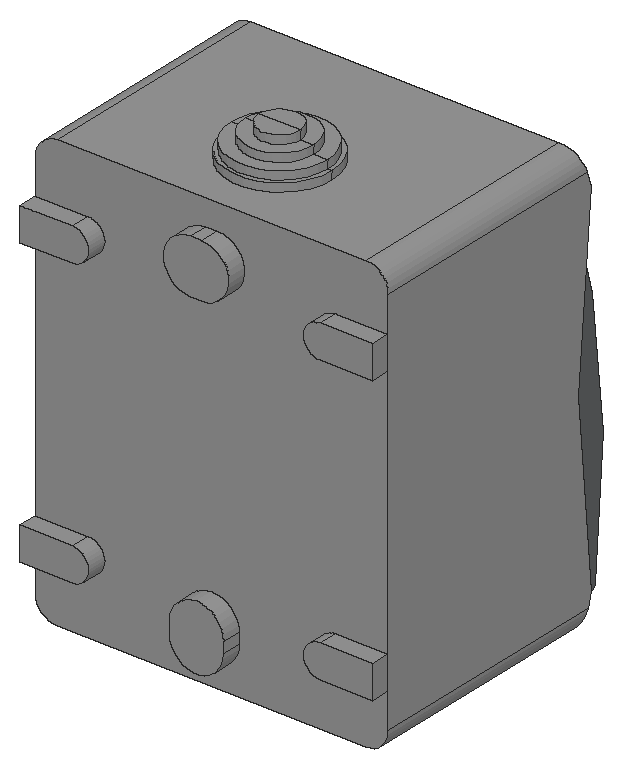
Revit family "IEK_Выключатель_ОУ_10А_2кл_IP54_FORS", category Выключатели, Revit 2019
Family settings
  Сохранять ориентацию аннотаций = Да
  Размер круглого соединителя = Использовать диаметр
  Тип детали = Переключатель
  На основе рабочей плоскости = Нет
  Всегда вертикально = Да
  При загрузке вырезать с полостями = Нет
  Общий = Нет
  Точка расчета площади = Нет
Parameters (values of type "ВС20-2-0-ФСр_2кл_Серый")
  Ширина = 65 mm  # constant formula
  Тип монтажа = "Поверхность монтажа (открытая установка)"  # constant formula
  Степень защиты = "IP54"  # constant formula
  Описание = "Электроустановочные изделия серии FORS подходят для эксплуатации в различных сферах, включая промышленные объекты, склады и производственные помещения. Благодаря степени защиты IP54 они стабильно работают в условиях повышенной влажности и запыленности. В комплекте есть подробная инструкция и необходимые аксессуары для быстрого монтажа. Электроустановочные изделия FORS — выбор профессионалов!"
  Материал крышки = RAL 9004
  Изготовитель = "IEK"  # constant formula
  Диаметр_Короб [instance] = 16 mm
  Глубина = 55 mm  # constant formula
  Высота = 92 mm  # constant formula
  ΔХ [instance] = 2000 mm
  ΔY [instance] = 2000 mm
  URL = "https://www.iek.ru/"
  ADSK_Ток [instance] = 10 A  # constant formula
  ADSK_Примечание = ""
  ADSK_Полная мощность [instance] = ADSK_Номинальная мощность / ADSK_Коэффициент мощности  # 2200 VA
  ADSK_Позиция [instance] = ""
  ADSK_Номинальная мощность [instance] = ADSK_Ток * ADSK_Напряжение * sqrt(ADSK_Количество фаз числовое) * ADSK_Коэффициент мощности  # 2200 W
  ADSK_Напряжение = 220 V
  ADSK_Наименование краткое = "ВС20-2-0-ФСр"
  ADSK_Наименование = "Выключатель 2-клавишный для открытой установки 10А IP54 ВС20-2-0-ФСр серый IEK"
  ADSK_Материал обозначение = ""
  ADSK_Материал наименование = "Пластик"  # constant formula
  ADSK_Материал = Окраска - RAL 7035
  ADSK_Масса = 0.125
  ADSK_Марка = "FORS"  # constant formula
  ADSK_Коэффициент мощности [instance] = 1  # constant formula
  ADSK_Количество фаз числовое = 1
  ADSK_Количество фаз = 1
  ADSK_Код изделия = "EVS20-K03-10-54-DC"
  ADSK_Классификация нагрузок [instance] = Прочее
  ADSK_Завод-изготовитель = Изготовитель  # "IEK"
  ADSK_Единица измерения = "шт."  # constant formula
  ADSK_Группирование = "Электроустановочные изделия низковольтные"  # constant formula
  ADSK_Версия семейства = "01.10.25"  # constant formula
  ADSK_Версия Revit = "v2019"  # constant formula
  ADSK_URL страницы изделия = "https://qr.iek.group/EVS20-K03-10-54-DC"
Types (3, lengths in mm): name | Материал крышки | ADSK_Наименование краткое | ADSK_Наименование | ADSK_Материал | ADSK_Код изделия | ADSK_URL страницы изделия
  (no name) | RAL 9004 | "ВС20-2-0-ФСр" | "Выключатель 2-клавишный для открытой установки 10А IP54 ВС20-2-0-ФСр серый IEK" | Окраска - RAL 7035 | "EVS20-K03-10-54-DC" | "https://qr.iek.group/EVS20-K03-10-54-DC"
  ВС20-2-0-ФСр_2кл_Серый | RAL 9004 | "ВС20-2-0-ФСр" | "Выключатель 2-клавишный для открытой установки 10А IP54 ВС20-2-0-ФСр серый IEK" | Окраска - RAL 7035 | "EVS20-K03-10-54-DC" | "https://qr.iek.group/EVS20-K03-10-54-DC"
  ВС20-2-0-ФБ_2кл_Белый | Окраска - Белый | "ВС20-2-0-ФБ" | "Выключатель 2-клавишный для открытой установки 10А IP54 ВС20-2-0-ФБ белый IEK" | Окраска - Белый | "EVS20-K01-10-54-DC" | "https://qr.iek.group/EVS20-K01-10-54-DC"
Reference planes
  plane 1 "По центру (Вперед/Назад)": y = 0
  plane 2: z = 0
  plane 3 "По центру (Влево/Вправо)": x = 0
  plane 4 "Высота ножек": z = 280
  plane 5 "Высота": z = 2081.496
  plane 6: x = -2000
  plane 7: y = 2000
Forms (mm)
  Extrusion 1, solid, detail levels coarse
    sketch origin (5.5, 24, 0) x (1, 0, 0) y (0, 1, 0)
      loop
        line (-38, -24) -> (27, -24) -> (27, 31) -> (-38, 31) -> (-38, -24)
    from 0 to 92
  Extrusion 2, solid, detail levels medium
    sketch origin (-5.5, 24, 0) x (1, 0, 0) y (0, 1, 0)
      loop
        line (-27, 31) -> (-27, -24) -> (38, -24) -> (38, 31) -> (-27, 31)
    from 0 to 92
  Extrusion 3, solid, material "Окраска - RAL 7035" <- "ADSK_Материал", detail levels fine
    sketch origin (0, 0, 45.5) x (1, 0, 0) y (0, 0, -1)
      loop
        line (-32, 35.5) -> (-32, -35.45)
        arc (-32, -35.45) -> (-30.814, -38.314) -> (-27.95, -39.5) r 4.05
        line (-27.95, -39.5) -> (28, -39.5)
        arc (28, -39.5) -> (30.828, -38.328) -> (32, -35.5) r 4
        line (32, -35.5) -> (32, 35.5)
        arc (32, 35.5) -> (30.828, 38.328) -> (28, 39.5) r 4
        line (28, 39.5) -> (-28, 39.5)
        arc (-28, 39.5) -> (-30.828, 38.328) -> (-32, 35.5) r 4
    from 3.5 to 50.392
  Extrusion 4, void
    sketch origin (0, 0, 32.4) x (1, 0, 0) y (0, 0, -1)
      loop
        line (-30.2, 22.4) -> (-30.2, -48.6)
        arc (-30.2, -48.6) -> (-29.556, -50.156) -> (-28, -50.8) r 2.2
        line (-28, -50.8) -> (28, -50.8)
        arc (28, -50.8) -> (29.556, -50.156) -> (30.2, -48.6) r 2.2
        line (30.2, -48.6) -> (30.2, 22.4)
        arc (30.2, 22.4) -> (29.556, 23.956) -> (28, 24.6) r 2.2
        line (28, 24.6) -> (-28, 24.6)
        arc (-28, 24.6) -> (-29.556, 23.956) -> (-30.2, 22.4) r 2.2
    from 39.3 to 50.392
  Extrusion 5, solid, material "Окраска - RAL 7035" <- "ADSK_Материал", detail levels fine
    sketch origin (0, 0, 45.5) x (1, 0, 0) y (0, 0, -1)
      loop
        line (-32, 23) -> (-22.5, 23)
        arc (-22.5, 23) -> (-19.5, 26) -> (-22.5, 29) r 3
        line (-22.5, 29) -> (-32, 29) -> (-32, 23)
      loop
        line (32, 23) -> (32, 29) -> (22.5, 29)
        arc (22.5, 29) -> (19.5, 26) -> (22.5, 23) r 3
        line (22.5, 23) -> (32, 23)
      loop
        line (-32, -23) -> (-32, -29) -> (-22.5, -29)
        arc (-22.5, -29) -> (-19.5, -26) -> (-22.5, -23) r 3
        line (-22.5, -23) -> (-32, -23)
      loop
        line (32, -23) -> (22.5, -23)
        arc (22.5, -23) -> (19.5, -26) -> (22.5, -29) r 3
        line (22.5, -29) -> (32, -29) -> (32, -23)
      loop
        arc (1, -34.9) -> (5.9, -30) -> (1, -25.1) r 4.9
        line (1, -25.1) -> (-1, -25.1)
        arc (-1, -25.1) -> (-5.9, -30) -> (-1, -34.9) r 4.9
        line (-1, -34.9) -> (1, -34.9)
      loop
        line (-4.9, 31) -> (-4.9, 29)
        arc (-4.9, 29) -> (0, 24.1) -> (4.9, 29) r 4.9
        line (4.9, 29) -> (4.9, 31)
        arc (4.9, 31) -> (0, 35.9) -> (-4.9, 31) r 4.9
    from 0 to 3.5
  Revolve 6, solid, material "Окраска - RAL 7035" <- "ADSK_Материал", detail levels fine
    sketch origin (0, 18.905, 4617.5) x (-1, 0, 0) y (0, 0, 1)
      loop
        line (0, -4526.5) -> (0, -4532.5) -> (9.541, -4532.5) -> (9.541, -4531) -> (8.75, -4531) -> (8.75, -4529.5) -> (6.25, -4529.5) -> (6.25, -4528) -> (3.75, -4528) -> (3.75, -4526.5) -> (0, -4526.5)
      loop
        line (0, -4617.5) -> (3.75, -4617.5) -> (3.75, -4616) -> (6.25, -4616) -> (6.25, -4614.5) -> (8.75, -4614.5) -> (8.75, -4613) -> (9.541, -4613) -> (9.541, -4611.5) -> (0, -4611.5) -> (0, -4617.5)
      axis (0, -4617.5) -> (0, -4526.5)
    angle from 0 to 360
  Extrusion 7, void
    sketch origin (0, 0, 45.5) x (0, 0, -1) y (0, 1, 0)
      loop
        line (39.5, 47.287) -> (39.5, 51.998) -> (-39.5, 51.998) -> (-39.5, 47.287) -> (-33.021, 49.493)
        arc (-33.021, 49.493) -> (0.067, 46.452) -> (33.15, 49.537) r 180.205
        arc (33.15, 49.537) -> (36.341, 48.456) -> (39.5, 47.287) r 121.61
    from -32 to 32
  Extrusion 8, solid, material "RAL 9004" <- "Материал крышки", detail levels fine
    sketch origin (0, 0, -54.575) x (0, 0, -1) y (0, 1, 0)
      loop
        line (-136.6, 39.3) -> (-63.59, 39.3) -> (-63.59, 46.629) -> (-64.398, 53.299)
        arc (-64.398, 53.299) -> (-64.651, 53.912) -> (-65.264, 54.166) r 0.867
        arc (-65.264, 54.166) -> (-101.053, 55.2) -> (-135.915, 47.044) r 138.769
        arc (-135.915, 47.044) -> (-136.396, 46.68) -> (-136.6, 46.112) r 1.059
        line (-136.6, 46.112) -> (-136.6, 39.3)
    from -29 to -0.5
  Extrusion 9, solid, material "RAL 9004" <- "Материал крышки", detail levels fine
    sketch origin (0, 0, -54.575) x (0, 0, -1) y (0, -1, 0)
      loop
        line (-136.6, -39.3) -> (-136.6, -46.112)
        arc (-136.6, -46.112) -> (-136.396, -46.68) -> (-135.915, -47.044) r 1.059
        arc (-135.915, -47.044) -> (-101.053, -55.2) -> (-65.264, -54.166) r 138.769
        arc (-65.264, -54.166) -> (-64.651, -53.912) -> (-64.398, -53.299) r 0.867
        line (-64.398, -53.299) -> (-63.59, -46.629) -> (-63.59, -39.3) -> (-136.6, -39.3)
    from -29 to -0.5
Cuts and joins
  Extrusion 4, Extrusion 7 cuts Extrusion 3
Lines and regions (mm)
  reference lines
    curve 1: line (0, 44.647, 0) -> (0, -55.353, 0)
    curve 2: line (-23.829, 0, 0) -> (76.171, 0, 0)
Dimensions and locks
  locked: plane 4 "Высота ножек" to plane 2 at 280
  plane 5 "Высота" to plane 4 "Высота ножек" = 1801.496 mm
  "ΔХ": plane 6 to curve 1
  "ΔY": plane 7 to curve 2
  aligned and locked: level to plane 2
  aligned and locked: curve 2 to nested 1
  aligned and locked: nested 1 to curve 1
Automatic sketch dimensions
  Extrusion 1 sketch curve to plane 1 "По центру (Вперед/Назад)" = 55 mm
  Extrusion 1 sketch curve to plane 3 "По центру (Влево/Вправо)" = 32.5 mm
  plane 3 "По центру (Влево/Вправо)" to Extrusion 1 sketch curve = 32.5 mm
  plane 1 "По центру (Вперед/Назад)" to Extrusion 1 sketch curve = 0 mm
  Extrusion 2 sketch curve to plane 3 "По центру (Влево/Вправо)" = 32.5 mm
  plane 3 "По центру (Влево/Вправо)" to Extrusion 2 sketch curve = 32.5 mm
  plane 1 "По центру (Вперед/Назад)" to Extrusion 2 sketch curve = 0 mm
  Extrusion 2 sketch curve to plane 1 "По центру (Вперед/Назад)" = 55 mm
  level to Extrusion 3 sketch curve = 10 mm  (x2)
  Extrusion 3 sketch curve to plane 3 "По центру (Влево/Вправо)" = 32 mm
  Extrusion 3 sketch curve to Extrusion 3 sketch curve = 4 mm
  Extrusion 3 sketch curve to Extrusion 3 sketch curve = 4.05 mm
  plane 3 "По центру (Влево/Вправо)" to Extrusion 3 sketch curve = 28 mm  (x2)
  Extrusion 3 sketch curve to Extrusion 3 sketch curve = 70.95 mm
  level to Extrusion 4 sketch curve = 10 mm  (x2)
  Extrusion 4 sketch curve to plane 3 "По центру (Влево/Вправо)" = 30.2 mm
  Extrusion 4 sketch curve to Extrusion 4 sketch curve = 2.2 mm  (x2)
  plane 3 "По центру (Влево/Вправо)" to Extrusion 4 sketch curve = 28 mm  (x2)
  Extrusion 4 sketch curve to Extrusion 4 sketch curve = 71 mm
  Extrusion 5 sketch curve to plane 3 "По центру (Влево/Вправо)" = 0 mm
  Extrusion 5 sketch curve to plane 3 "По центру (Влево/Вправо)" = 1 mm
  Extrusion 5 sketch curve to plane 3 "По центру (Влево/Вправо)" = 4.9 mm
  Extrusion 5 sketch curve to Extrusion 5 sketch curve = 21.5 mm  (x2)
  Extrusion 5 sketch curve to Extrusion 5 sketch curve = 17.6 mm  (x2)
  Extrusion 5 sketch curve to Extrusion 5 sketch curve = 9.5 mm  (x4)
  plane 3 "По центру (Влево/Вправо)" to Extrusion 5 sketch curve = 1 mm
  level to Extrusion 5 sketch curve = 80.4 mm
  Extrusion 5 sketch curve to Extrusion 5 sketch curve = 4.9 mm
  Extrusion 5 sketch curve to Extrusion 5 sketch curve = 1 mm  (x2)
  Extrusion 5 sketch curve to Extrusion 5 sketch curve = 3 mm  (x4)
  level to Extrusion 5 sketch curve = 22.5 mm  (x2)
  level to Extrusion 5 sketch curve = 16.5 mm
  Extrusion 5 sketch curve to Extrusion 5 sketch curve = 2 mm
  Revolve 6 sketch curve to plane 3 "По центру (Влево/Вправо)" = 0 mm  (x3)
  Revolve 6 sketch curve to level = 0 mm
  Revolve 6 sketch curve to plane 3 "По центру (Влево/Вправо)" = 3.75 mm  (x2)
  level to Revolve 6 sketch curve = 1.5 mm
  Revolve 6 sketch curve to Revolve 6 sketch curve = 2.5 mm  (x4)
  Revolve 6 sketch curve to Revolve 6 sketch curve = 0.791 mm  (x2)
  Revolve 6 sketch curve to Revolve 6 sketch curve = 1.5 mm  (x6)
  Revolve 6 sketch curve to Revolve 6 sketch curve = 4.5 mm
  Revolve 6 sketch curve to Revolve 6 sketch curve = 79 mm
  Revolve 6 sketch curve to level = 1478.5 mm
  Revolve 6 sketch curve to plane 5 "Высота" = 511.996 mm
  level to Extrusion 7 sketch curve = 85 mm
  Extrusion 7 sketch curve to Extrusion 7 sketch curve = 6.479 mm
  level to Extrusion 7 sketch curve = 49.778 mm
  level to Extrusion 7 sketch curve = 45.554 mm
  level to Extrusion 7 sketch curve = 6 mm
  plane 1 "По центру (Вперед/Назад)" to Extrusion 7 sketch curve = 66.17 mm
  Extrusion 7 sketch curve to plane 1 "По центру (Вперед/Назад)" = 47.287 mm  (x2)
  Extrusion 7 sketch curve to Extrusion 7 sketch curve = 2.206 mm
  Extrusion 7 sketch curve to Extrusion 7 sketch curve = 4.711 mm
  Extrusion 7 sketch curve to Extrusion 7 sketch curve = 174.659 mm
  level to Extrusion 8 sketch curve = 82.025 mm
  Extrusion 8 sketch curve to Extrusion 8 sketch curve = 1.058 mm
  level to Extrusion 8 sketch curve = 32.559 mm
  level to Extrusion 8 sketch curve = 10.689 mm
  Extrusion 8 sketch curve to Extrusion 8 sketch curve = 0.867 mm
  Extrusion 8 sketch curve to Extrusion 8 sketch curve = 0.808 mm
  plane 1 "По центру (Вперед/Назад)" to Extrusion 8 sketch curve = 82.869 mm
  Extrusion 8 sketch curve to plane 1 "По центру (Вперед/Назад)" = 39.3 mm
  Extrusion 8 sketch curve to Extrusion 8 sketch curve = 6.752 mm
  Extrusion 8 sketch curve to Extrusion 8 sketch curve = 0.061 mm
  Extrusion 8 sketch curve to Extrusion 8 sketch curve = 7.329 mm
  Extrusion 8 sketch curve to Extrusion 8 sketch curve = 6.67 mm
  level to Extrusion 9 sketch curve = 82.025 mm
  Extrusion 9 sketch curve to Extrusion 9 sketch curve = 1.058 mm
  level to Extrusion 9 sketch curve = 32.559 mm
  level to Extrusion 9 sketch curve = 10.689 mm
  Extrusion 9 sketch curve to Extrusion 9 sketch curve = 0.867 mm
  Extrusion 9 sketch curve to Extrusion 9 sketch curve = 0.808 mm
  Extrusion 9 sketch curve to plane 1 "По центру (Вперед/Назад)" = 53.299 mm
  Extrusion 9 sketch curve to Extrusion 9 sketch curve = 6.67 mm
  Extrusion 9 sketch curve to plane 1 "По центру (Вперед/Назад)" = 46.112 mm
  Extrusion 9 sketch curve to Extrusion 9 sketch curve = 0.061 mm
  Extrusion 9 sketch curve to Extrusion 9 sketch curve = 7.329 mm
  plane 1 "По центру (Вперед/Назад)" to Extrusion 9 sketch curve = 82.869 mm
  curve 2 to plane 3 "По центру (Влево/Вправо)" = 23.829 mm
  plane 3 "По центру (Влево/Вправо)" to curve 2 = 76.171 mm
  plane 1 "По центру (Вперед/Назад)" to curve 1 = 55.353 mm
  curve 1 to plane 1 "По центру (Вперед/Назад)" = 44.647 mm
Nested families
  nested 1: "УГО Выключателя" at (0, 0, 0), type "2K-O", detail levels coarse+medium
    with IP44 yes
Connectors
  electrical at (0, 0, 46), driven by "ADSK_Количество фаз", driven by "ADSK_Классификация нагрузок", driven by "ADSK_Напряжение", driven by "ADSK_Полная мощность", driven by "ADSK_Коэффициент мощности"
    settings: on Extrusion 1, index 1, voltage 220 V, apparent load 0 VA, apparent load phase1 2200 VA, apparent load phase2 0 VA, apparent load phase3 0 VA, power factor 1, load classification "Прочее", number of poles 1, system type 30, power factor state 1, is connector primary yes, connector utility no, sub classification motor no, connector description "Электр. соед. выключ."
  cabletrayconduit at (0, 18.905, 91), diameter 16, driven by "Диаметр_Короб"
    settings: on Revolve 6, index 2, connector width 300 mm, connector height 300 mm, connector angle 0.00°, system type 32, placement type 0, profile type 0, connector reference index 3, is primary connector yes, connector utility param no, connector description ""
  cabletrayconduit at (0, 18.905, 0), diameter 16, driven by "Диаметр_Короб"
    settings: on Revolve 6, index 3, connector width 300 mm, connector height 300 mm, connector angle 0.00°, system type 32, placement type 0, profile type 0, connector reference index 2, is primary connector no, connector utility param no, connector description ""
Definition of nested family "УГО Выключателя"
  Parameters (values of type "3K-O")
    IP44 [instance] = no
    3K-C = no
    2K-C = no
    1K-C = no
    3K-O = yes
    2K-O = no
    1K-O = no
  Types (6, lengths in mm): name | 3K-C | 2K-C | 1K-C | 3K-O | 2K-O | 1K-O
    2K-O | no | no | no | no | yes | no
    3K-O | no | no | no | yes | no | no
    2K-C | no | yes | no | no | no | no
    1K-O | no | no | no | no | no | yes
    1K-C | no | no | yes | no | no | no
    3K-C | yes | no | no | no | no | no
  Reference planes
    plane 1: y = 0
    plane 2: x = 0
  Lines and regions (mm)
    Filled region 1, type "Цветовая область 1", visible <- "IP44", not visible
      outline origin (0, 0, 0) x (1, 0, 0) y (0, 1, 0)
        loop
          circle (0, 2.214) r 0.994
    Filled region 2, type "Цветовая область 1", visible <- "IP44", not visible
      outline origin (-1.562, 0, 0) x (1, 0, 0) y (0, 1, 0)
        loop
          circle (11.009, 9.276) r 0.994
    Filled region 3, type "Цветовая область 1", visible <- "IP44", not visible
      outline origin (-1.562, 0, 0) x (1, 0, 0) y (0, 1, 0)
        loop
          circle (23.521, 9.279) r 0.994
    Filled region 4, type "Цветовая область 1", visible <- "IP44", not visible
      outline origin (0, 0, 0) x (1, 0, 0) y (0, 1, 0)
        loop
          circle (28.604, 9.279) r 0.994
    Filled region 5, type "Цветовая область 1", visible <- "IP44", not visible
      outline origin (0, 0, 0) x (1, 0, 0) y (0, 1, 0)
        loop
          circle (32.789, 9.279) r 0.994
    Filled region 6, type "Цветовая область 1", visible <- "IP44"
      outline origin (0, 0, 0) x (1, 0, 0) y (0, 1, 0)
        loop
          circle (0.006, 0.994) r 0.994
    Filled region 7, type "Цветовая область 1", visible <- "IP44"
      outline origin (0, 0, 0) x (1, 0, 0) y (0, 1, 0)
        loop
          circle (0.006, 0.994) r 0.994
    Filled region 8, type "Цветовая область 1", visible <- "IP44"
      outline origin (-1.562, 0, 0) x (1, 0, 0) y (0, 1, 0)
        loop
          circle (1.569, 0.994) r 0.994
    Filled region 9, type "Цветовая область 1", visible <- "IP44"
      outline origin (0, 0, 0) x (1, 0, 0) y (0, 1, 0)
        loop
          circle (0.006, 0.994) r 0.994
    Filled region 10, type "Цветовая область 1", visible <- "IP44", not visible
      outline origin (0, 0, 0) x (1, 0, 0) y (0, 1, 0)
        loop
          circle (15.057, 15.33) r 0.994
    Filled region 11, type "Цветовая область 1", visible <- "IP44"
      outline origin (-1.562, 0, 0) x (1, 0, 0) y (0, 1, 0)
        loop
          circle (1.569, 0.994) r 0.994
    Filled region 12, type "Цветовая область 1", visible <- "IP44"
      outline origin (0, 0, 0) x (1, 0, 0) y (0, 1, 0)
        loop
          circle (0.006, 0.994) r 0.994
    detail lines, visible <- "3K-O", not visible
      curve 1: line (0.86, 2.711, 0) -> (3.031, 3.964, 0)
      curve 2: line (0.639, 2.975, 0) -> (2.25, 4.895, 0)
      curve 3: line (0.323, 3.154, 0) -> (1.139, 5.524, 0)
      curve 4: circle (0, 2.214, 0) r 0.994 normal (0, 0, 1)
      curve 5: line (3.031, 3.964, 0) -> (3.431, 3.272, 0)
      curve 6: line (2.25, 4.895, 0) -> (2.863, 4.381, 0)
      curve 7: line (1.139, 5.524, 0) -> (1.896, 5.263, 0)
    detail lines, visible <- "2K-O", not visible
      curve 8: line (10.196, 9.928, 0) -> (12.088, 11.572, 0)
      curve 9: line (9.928, 10.145, 0) -> (11.143, 12.337, 0)
      curve 10: circle (9.446, 9.276, 0) r 0.994 normal (0, 0, 1)
      curve 11: line (12.088, 11.572, 0) -> (12.613, 10.968, 0)
      curve 12: line (11.143, 12.337, 0) -> (11.843, 11.949, 0)
    detail lines, visible <- "1K-O", not visible
      curve 13: line (15.627, 16.144, 0) -> (17.201, 18.393, 0)
      curve 14: circle (15.057, 15.33, 0) r 0.994 normal (0, 0, 1)
      curve 15: line (17.201, 18.393, 0) -> (17.857, 17.934, 0)
    detail lines, visible <- "3K-C", not visible
      curve 16: line (22.819, 9.775, 0) -> (24.99, 11.029, 0)
      curve 17: line (22.597, 10.04, 0) -> (24.208, 11.96, 0)
      curve 18: line (22.282, 10.218, 0) -> (23.098, 12.588, 0)
      curve 19: circle (21.958, 9.279, 0) r 0.994 normal (0, 0, 1)
      curve 20: line (24.765, 11.418, 0) -> (25.215, 10.639, 0)
      curve 21: line (23.863, 12.249, 0) -> (24.553, 11.67, 0)
      curve 22: line (22.672, 12.734, 0) -> (23.523, 12.441, 0)
    detail lines, visible <- "2K-C", not visible
      curve 23: line (29.354, 9.93, 0) -> (31.246, 11.575, 0)
      curve 24: line (29.086, 10.148, 0) -> (30.301, 12.34, 0)
      curve 25: circle (28.604, 9.279, 0) r 0.994 normal (0, 0, 1)
      curve 26: line (30.951, 11.914, 0) -> (31.541, 11.235, 0)
      curve 27: line (29.908, 12.558, 0) -> (30.695, 12.122, 0)
    detail lines, visible <- "1K-C", not visible
      curve 28: line (33.359, 10.092, 0) -> (34.797, 12.146, 0)
      curve 29: circle (32.789, 9.279, 0) r 0.994 normal (0, 0, 1)
      curve 30: line (34.428, 12.404, 0) -> (35.165, 11.887, 0)
    detail lines
      curve 31: line (0.006, 0, 0) -> (0.006, 2.454, 0)
      curve 32: line (0.006, 0, 0) -> (2.217, 0, 0)
    detail lines, visible <- "1K-C"
      curve 33: line (0.576, 1.808, 0) -> (2.014, 3.861, 0)
      curve 34: circle (0.006, 0.994, 0) r 0.994 normal (0, 0, 1)
      curve 35: line (1.645, 4.119, 0) -> (2.383, 3.603, 0)
    detail lines, visible <- "2K-C"
      curve 36: line (0.756, 1.645, 0) -> (2.648, 3.29, 0)
      curve 37: line (0.488, 1.863, 0) -> (1.703, 4.055, 0)
      curve 38: circle (0.006, 0.994, 0) r 0.994 normal (0, 0, 1)
      curve 39: line (2.353, 3.629, 0) -> (2.943, 2.95, 0)
      curve 40: line (1.31, 4.273, 0) -> (2.097, 3.837, 0)
    detail lines, visible <- "3K-C"
      curve 41: line (0.867, 1.49, 0) -> (3.037, 2.744, 0)
      curve 42: line (0.645, 1.755, 0) -> (2.256, 3.675, 0)
      curve 43: line (0.33, 1.933, 0) -> (1.146, 4.303, 0)
      curve 44: circle (0.006, 0.994, 0) r 0.994 normal (0, 0, 1)
      curve 45: line (2.812, 3.133, 0) -> (3.262, 2.354, 0)
      curve 46: line (1.911, 3.964, 0) -> (2.601, 3.386, 0)
      curve 47: line (0.72, 4.449, 0) -> (1.571, 4.156, 0)
    detail lines, visible <- "1K-O"
      curve 48: line (0.576, 1.808, 0) -> (2.151, 4.056, 0)
      curve 49: circle (0.006, 0.994, 0) r 0.994 normal (0, 0, 1)
      curve 50: line (2.151, 4.056, 0) -> (2.806, 3.597, 0)
    detail lines, visible <- "2K-O"
      curve 51: line (0.756, 1.645, 0) -> (2.648, 3.29, 0)
      curve 52: line (0.488, 1.863, 0) -> (1.703, 4.055, 0)
      curve 53: circle (0.006, 0.994, 0) r 0.994 normal (0, 0, 1)
      curve 54: line (2.648, 3.29, 0) -> (3.173, 2.686, 0)
      curve 55: line (1.703, 4.055, 0) -> (2.403, 3.667, 0)
    detail lines, visible <- "3K-O"
      curve 56: line (0.867, 1.49, 0) -> (3.037, 2.744, 0)
      curve 57: line (0.645, 1.755, 0) -> (2.256, 3.675, 0)
      curve 58: line (0.33, 1.933, 0) -> (1.146, 4.303, 0)
      curve 59: circle (0.006, 0.994, 0) r 0.994 normal (0, 0, 1)
      curve 60: line (3.037, 2.744, 0) -> (3.437, 2.051, 0)
      curve 61: line (2.256, 3.675, 0) -> (2.869, 3.161, 0)
      curve 62: line (1.146, 4.303, 0) -> (1.902, 4.042, 0)
